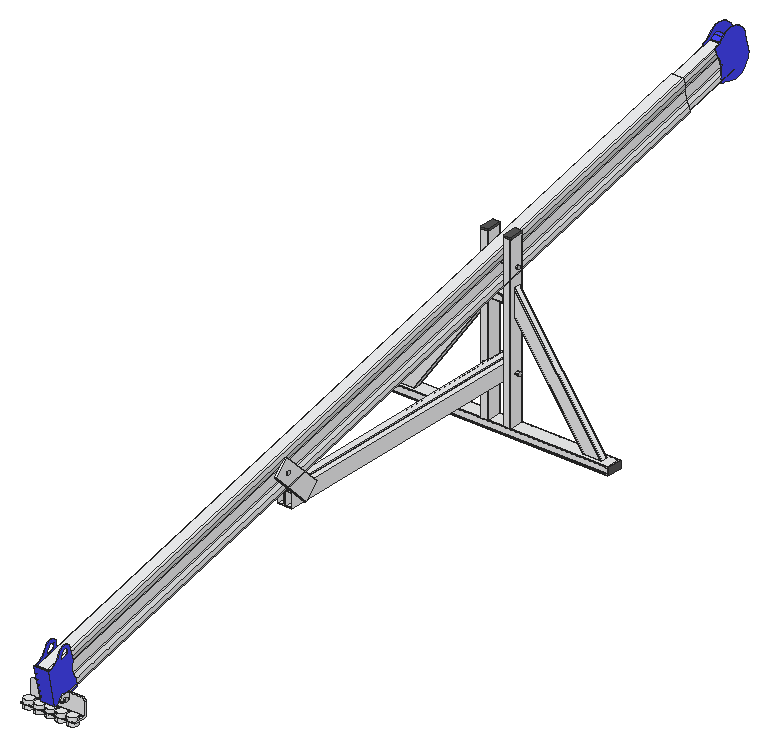
Revit family "FallProtection_RopeAccessNeedle_Kattsafe_800AFrame", category Specialty Equipment, Revit 2025 (continued)
Definition of nested family "Rearattachment_Kattsafe_Needle"
  Lines and regions (mm)
    Masking region 2, visible <- "Trolley"
      outline origin (0, 0, 0) x (1, 0, 0) y (0, 1, 0)
        loop
          line (-145, 36) -> (-145, 30) -> (-58.5, 30) -> (-58.5, -20) -> (-52.5, -20) -> (-52.5, 30) -> (52.5, 30) -> (52.5, -20) -> (58.5, -20) -> (58.5, 30) -> (145, 30) -> (145, 36) -> (-145, 36)
    symbolic lines, visible <- "Clamp"
      curve 1: line (-52.5, 50, 0) -> (-52.5, -50, 0)
      curve 2: line (-58.5, 50, 0) -> (-58.5, -50, 0)
      curve 3: line (-30, 50, 0) -> (-58.5, 50, 0)
      curve 4: line (-58.5, -50, 0) -> (-30, -50, 0)
      curve 5: line (30, 50, 0) -> (58.5, 50, 0)
      curve 6: line (52.5, -50, 0) -> (52.5, 50, 0)
      curve 7: line (58.5, -50, 0) -> (30, -50, 0)
      curve 8: line (58.5, 50, 0) -> (58.5, -50, 0)
    symbolic lines, visible <- "DeckMount", detail levels medium+fine
      curve 9: line (-145, 83.5, 0) -> (145, 83.5, 0)
      curve 10: line (-145, 64.993, 0) -> (145, 64.993, 0)
      curve 11: line (-145, -64.993, 0) -> (145, -64.993, 0)
      curve 12: line (-145, -83.5, 0) -> (145, -83.5, 0)
    symbolic lines, visible <- "ConcreteMount", detail levels medium+fine
      curve 13: line (-117.5, 9, 0) -> (-107.5, 9, 0)
      curve 14: arc (-107.5, 9, 0) -> (-98.5, 0, 0) -> (-107.5, -9, 0) r 9
      curve 15: line (-107.5, -9, 0) -> (-117.5, -9, 0)
      curve 16: arc (-117.5, -9, 0) -> (-126.5, 0, 0) -> (-117.5, 9, 0) r 9
      curve 17: line (117.5, -9, 0) -> (107.5, -9, 0)
      curve 18: arc (107.5, -9, 0) -> (98.5, 0, 0) -> (107.5, 9, 0) r 9
      curve 19: line (107.5, 9, 0) -> (117.5, 9, 0)
      curve 20: arc (117.5, 9, 0) -> (126.5, 0, 0) -> (117.5, -9, 0) r 9
    symbolic lines, detail levels medium+fine
      curve 21: line (30, 8, 0) -> (73, 8, 0)
      curve 22: line (73, 8, 0) -> (73, -8, 0)
      curve 23: line (73, -8, 0) -> (30, -8, 0)
      curve 24: line (-30, 8, 0) -> (-73, 8, 0)
      curve 25: line (-73, 8, 0) -> (-73, -8, 0)
      curve 26: line (-73, -8, 0) -> (-30, -8, 0)
    symbolic lines, visible <- "Trolley", detail levels medium+fine
      curve 27: line (-52.5, 30, 0) -> (-52.5, 36, 0)
      curve 28: line (52.5, 30, 0) -> (52.5, 36, 0)
  Dimensions and locks
    "MountClampOffset": plane 4 to plane 2
    locked: plane 5 to plane 4 at 98
    locked: plane 4 to Extrusion 1 sketch curve at 73
    locked: Extrusion 3 sketch curve to plane 4 at 6
    equal spacing: plane 6, plane 3 "Center (Left/Right)", plane 7
    "MountBaseWidth": plane 6 to plane 7
    equal spacing: plane 9, plane 1 "Center (Front/Back)", plane 8
    "MountBaseDepth": plane 9 to plane 8
    locked: plane 2 to plane 10 at 3
    "DeckFlangeCalc": plane 8 to plane 11
    "DeckFlangeCalc": plane 12 to plane 9
    "FixingBoltTopOffset": plane 5 to plane 13 "FixingBolt"
    locked: plane 14 to plane 1 "Center (Front/Back)" at 33
    locked: Extrusion 4 sketch curve to Extrusion 4 sketch curve at 2  (x2)
    locked: plane 10 to Extrusion 4 sketch curve at 2  (x2)
    locked: plane 4 to Extrusion 4 sketch curve at 2
    locked: Extrusion 6 sketch curve to plane 3 "Center (Left/Right)" at 145
    locked: plane 3 "Center (Left/Right)" to Extrusion 6 sketch curve at 145
    "DeckRubberWidthCalc": plane 6 to Extrusion 8 sketch curve
    "DeckRubberDepthCalc": Extrusion 8 sketch curve to plane 8
    equal spacing: Extrusion 8 sketch curve, plane 3 "Center (Left/Right)", Extrusion 8 sketch curve
    "DeckRubberWidthCalc": Extrusion 8 sketch curve to plane 7
    "DeckRubberDepthCalc": plane 9 to Extrusion 8 sketch curve
    plane 16 to plane 3 "Center (Left/Right)" to plane 17 = 58.5 mm locked, 58.5 mm locked
    locked: plane 19 to plane 16 at 58.5
    locked: plane 17 to plane 18 at 58.5
    plane 20 "VertRollersBack" to plane 14 to plane 21 "VertRollersFront" = 20 mm locked, 20 mm locked
    plane 23 "HoriRollersTop" to plane 15 to plane 22 "HoriRollerBtm" = 20 mm locked, 20 mm locked
    locked: plane 15 to Extrusion 9 sketch curve at 3.5  (x2)
    locked: plane 24 to plane 14 at 48
    locked: plane 24 to Extrusion 10 sketch curve at 3.5  (x2)
    locked: plane 2 to plane 15 at 30
    locked: plane 15 to Extrusion 11 sketch curve at 3.5  (x2)
    locked: plane 24 to Extrusion 12 sketch curve at 3.5  (x2)
    locked: plane 25 "TrolleyTop" to plane 26 at 40
    "TrolleyFixingOffset": plane 26 to plane 2
    equal spacing: plane 25 "TrolleyTop", Extrusion 13 sketch curve, plane 26
    equal spacing: plane 25 "TrolleyTop", Extrusion 14 sketch curve, plane 26
    Extrusion 7 sketch curve to Extrusion 7 sketch curve = 6 mm
    equal spacing: Extrusion 7 sketch curve, plane 15, Extrusion 7 sketch curve
    locked: plane 1 "Center (Front/Back)" to plane 24 at 15
    locked: plane 14 to Extrusion 7 sketch curve at 72
    plane 27 to plane 1 "Center (Front/Back)" to plane 28 = 50 mm locked, 50 mm locked
    "DeckRubberWidthCalc": Extrusion 8 sketch curve to Extrusion 8 sketch curve
    plane 30 to plane 3 "Center (Left/Right)" to plane 29 = 30 mm locked, 30 mm locked
    curve 12 to curve 11 to plane 1 "Center (Front/Back)" = 18.507 mm locked, 64.993 mm locked
    plane 1 "Center (Front/Back)" to curve 10 to curve 9 = 64.993 mm locked, 18.507 mm locked
    curve 26 to plane 1 "Center (Front/Back)" to curve 24 = 8 mm locked, 8 mm locked
    locked: Masking region 2 sketch curve to plane 14 at 53
    locked: Extrusion 16 sketch curve to Extrusion 16 sketch curve at 6  (x2)
    locked: Extrusion 16 sketch curve to Extrusion 16 sketch curve at 46
    locked: plane 3 "Center (Left/Right)" to Extrusion 16 sketch curve at 160
    locked: Extrusion 16 sketch curve to plane 3 "Center (Left/Right)" at 160
    locked: plane 6 to Extrusion 2 sketch curve at 27.5
    locked: Extrusion 2 sketch curve to plane 7 at 27.5
    radius of Extrusion 1 sketch curve = 15 mm  (x2)
    radius of Extrusion 3 sketch curve = 6 mm  (x2)
    radius of Extrusion 3 sketch curve = 12 mm  (x2)
    radius of Extrusion 5 sketch curve = 8 mm
    radius of Extrusion 6 sketch curve = 10 mm  (x2)
    radius of Extrusion 7 sketch curve = 4 mm
    radius of Extrusion 7 sketch curve = 10 mm
    "BaseFilletCalc": radius of Masking region 1 sketch curve  (x4)
    radius of Extrusion 2 sketch curve = 10 mm  (x4)
    radius of Extrusion 13 sketch curve = 20 mm
    radius of Extrusion 14 sketch curve = 20 mm
    radius of Extrusion 13 sketch curve = 9 mm
    radius of Extrusion 14 sketch curve = 9 mm
    radius of Extrusion 15 sketch curve = 20 mm  (x2)
    radius of curve 14 = 9 mm
    radius of curve 16 = 9 mm
    radius of curve 20 = 9 mm
    radius of curve 18 = 9 mm
    radius of Extrusion 16 sketch curve = 6 mm  (x4)
    radius of Extrusion 16 sketch curve = 12 mm  (x4)
    locked: Extrusion 4 sketch curve to plane 11 (angle 20.00°)  (x2)
    locked: plane 12 to Extrusion 4 sketch curve (angle 20.00°)  (x2)
    aligned and locked: level to plane 2
    aligned and locked: plane 5 to Extrusion 3 sketch curve
    aligned and locked: Extrusion 1 to Extrusion 3
    aligned and locked: Extrusion 3 to Extrusion 1
    aligned and locked: plane 4 to Extrusion 1
    aligned and locked: plane 5 to Extrusion 1 sketch curve
    aligned and locked: plane 4 to Extrusion 3 sketch curve
    aligned and locked: Extrusion 3 sketch curve to plane 4
    aligned and locked: plane 6 to Extrusion 4
    aligned and locked: Extrusion 4 to plane 7
    aligned and locked: plane 10 to Extrusion 4
    aligned and locked: plane 4 to Extrusion 4 sketch curve
    aligned and locked: plane 1 "Center (Front/Back)" to Extrusion 5 sketch curve
    aligned and locked: plane 13 "FixingBolt" to Extrusion 5 sketch curve
    aligned and locked: plane 11 to Extrusion 4 sketch curve
    aligned and locked: plane 12 to Extrusion 4 sketch curve
    aligned and locked: Extrusion 2 sketch curve to plane 9
    aligned and locked: plane 9 to Extrusion 2 sketch curve
    aligned and locked: plane 8 to Extrusion 2 sketch curve
    aligned and locked: Extrusion 2 sketch curve to plane 8
    aligned and locked: plane 7 to Masking region 1 sketch curve
    aligned and locked: plane 8 to Masking region 1 sketch curve
    aligned and locked: Masking region 1 sketch curve to plane 6
    aligned and locked: curve 1 to cut or joined group of Extrusion 1, Extrusion 3
    aligned and locked: curve 2 to cut or joined group of Extrusion 1, Extrusion 3
    aligned and locked: cut or joined group of Extrusion 1, Extrusion 3 to curve 3
    aligned and locked: curve 4 to cut or joined group of Extrusion 1, Extrusion 3
    aligned and locked: curve 8 to cut or joined group of Extrusion 1, Extrusion 3
    aligned and locked: curve 6 to cut or joined group of Extrusion 1, Extrusion 3
    aligned and locked: curve 5 to cut or joined group of Extrusion 1, Extrusion 3
    aligned and locked: curve 7 to cut or joined group of Extrusion 1, Extrusion 3
    aligned and locked: cut or joined group of Extrusion 2, Extrusion 4 to plane 8
    aligned and locked: plane 9 to cut or joined group of Extrusion 2, Extrusion 4
    aligned and locked: Masking region 1 sketch curve to plane 9
    aligned and locked: plane 8 to Extrusion 8 sketch curve  (x3)
    aligned and locked: Extrusion 8 sketch curve to plane 6  (x2)
    aligned and locked: plane 7 to Extrusion 8 sketch curve  (x2)
    aligned and locked: Extrusion 8 sketch curve to Extrusion 8 sketch curve  (x8)
    aligned and locked: Extrusion 8 sketch curve to plane 9  (x3)
    aligned and locked: Extrusion 8 to plane 2
    aligned and locked: Extrusion 8 to plane 10
    aligned and locked: plane 15 to Extrusion 9 sketch curve  (x3)
    aligned and locked: plane 19 to Extrusion 9 sketch curve
    aligned and locked: plane 16 to Extrusion 9 sketch curve
    aligned and locked: plane 3 "Center (Left/Right)" to Extrusion 9 sketch curve
    aligned and locked: plane 17 to Extrusion 9 sketch curve
    aligned and locked: plane 18 to Extrusion 9 sketch curve
    aligned and locked: plane 21 "VertRollersFront" to Extrusion 9
    aligned and locked: Extrusion 10 to plane 23 "HoriRollersTop"
    aligned and locked: plane 19 to Extrusion 10 sketch curve
    aligned and locked: plane 24 to Extrusion 10 sketch curve  (x3)
    aligned and locked: plane 16 to Extrusion 10 sketch curve
    aligned and locked: plane 3 "Center (Left/Right)" to Extrusion 10 sketch curve
    aligned and locked: plane 17 to Extrusion 10 sketch curve
    aligned and locked: plane 18 to Extrusion 10 sketch curve
    aligned and locked: Extrusion 10 to Extrusion 7
    aligned and locked: Extrusion 11 to plane 20 "VertRollersBack"
    aligned and locked: plane 19 to Extrusion 11 sketch curve
    aligned and locked: plane 16 to Extrusion 11 sketch curve
    aligned and locked: plane 3 "Center (Left/Right)" to Extrusion 11 sketch curve
    aligned and locked: plane 17 to Extrusion 11 sketch curve
    aligned and locked: plane 18 to Extrusion 11 sketch curve
    aligned and locked: Extrusion 12 to plane 22 "HoriRollerBtm"
    aligned and locked: plane 19 to Extrusion 12 sketch curve
    aligned and locked: plane 16 to Extrusion 12 sketch curve
    aligned and locked: plane 3 "Center (Left/Right)" to Extrusion 12 sketch curve
    aligned and locked: plane 17 to Extrusion 12 sketch curve
    aligned and locked: plane 18 to Extrusion 12 sketch curve
    aligned and locked: plane 24 to Extrusion 12 sketch curve  (x3)
    aligned and locked: plane 25 "TrolleyTop" to Extrusion 13
    aligned and locked: Extrusion 13 to plane 26
    aligned and locked: Extrusion 13 to Extrusion 6
    aligned and locked: Extrusion 14 sketch curve to plane 25 "TrolleyTop"
    aligned and locked: Extrusion 14 sketch curve to plane 26
    aligned and locked: Extrusion 14 sketch curve to Extrusion 6
    aligned and locked: plane 1 "Center (Front/Back)" to Extrusion 13 sketch curve
    aligned and locked: Extrusion 13 to cut or joined group of Extrusion 1, Extrusion 3
    aligned and locked: plane 16 to Extrusion 13
    aligned and locked: Extrusion 14 to plane 17
    aligned and locked: cut or joined group of Extrusion 1, Extrusion 3 to Extrusion 14
    aligned and locked: Extrusion 15 sketch curve to plane 25 "TrolleyTop"  (x3)
    aligned and locked: Extrusion 15 sketch curve to Extrusion 6
    aligned and locked: Extrusion 6 to Extrusion 15 sketch curve
    aligned and locked: Extrusion 6 to Extrusion 15
    aligned and locked: Extrusion 15 to Extrusion 6
    aligned and locked: Extrusion 15 sketch curve to Extrusion 13
    aligned and locked: Extrusion 15 sketch curve to Extrusion 14
    aligned and locked: Extrusion 15 sketch curve to plane 26
    aligned and locked: Extrusion 12 to cut or joined group of Extrusion 7, Extrusion 15
    aligned and locked: plane 15 to Extrusion 11 sketch curve  (x3)
    aligned and locked: Extrusion 1 sketch curve to plane 27
    aligned and locked: plane 28 to Extrusion 1 sketch curve
    aligned and locked: Extrusion 2 sketch curve to Masking region 1  (x4)
    aligned and locked: Extrusion 2 to plane 2
    aligned and locked: plane 30 to curve 5
    aligned and locked: plane 30 to curve 7
    aligned and locked: plane 29 to curve 3
    aligned and locked: plane 29 to curve 4
    aligned and locked: plane 7 to curve 11
    aligned and locked: plane 7 to curve 12
    aligned and locked: plane 7 to curve 10
    aligned and locked: plane 7 to curve 9
    aligned and locked: plane 6 to curve 9
    aligned and locked: plane 6 to curve 10
    aligned and locked: plane 6 to curve 11
    aligned and locked: plane 6 to curve 12
    aligned and locked: plane 29 to curve 26
    aligned and locked: plane 29 to curve 24
    aligned and locked: plane 30 to curve 21
    aligned and locked: plane 30 to curve 23
    aligned and locked: curve 22 to Extrusion 5
    aligned and locked: curve 25 to Extrusion 5
    aligned and locked: curve 24 to curve 21
    aligned and locked: curve 23 to curve 26
    aligned and locked: cut or joined group of Extrusion 1, Extrusion 3 to Masking region 2 sketch curve
    aligned and locked: Masking region 2 sketch curve to Extrusion 13
    aligned and locked: Masking region 2 sketch curve to cut or joined group of Extrusion 7, Extrusion 15  (x3)
    aligned and locked: Masking region 2 sketch curve to Masking region 2 sketch curve  (x2)
    aligned and locked: Masking region 2 sketch curve to Extrusion 14  (x2)
    aligned and locked: cut or joined group of Extrusion 7, Extrusion 15 to Masking region 2 sketch curve
    aligned and locked: cut or joined group of Extrusion 6, Extrusion 15 to Masking region 2 sketch curve
    aligned and locked: cut or joined group of Extrusion 7, Extrusion 15 to Extrusion 14
    aligned and locked: cut or joined group of Extrusion 7, Extrusion 15 to Extrusion 13
    aligned and locked: Extrusion 16 sketch curve to Extrusion 16 sketch curve
    aligned and locked: Extrusion 16 sketch curve to level  (x2)
    aligned and locked: cut or joined group of Extrusion 2, Extrusion 16 to plane 8
    aligned and locked: plane 9 to cut or joined group of Extrusion 2, Extrusion 16
    aligned and locked: curve 16 to cut or joined group of Extrusion 2, Extrusion 16
    aligned and locked: curve 20 to cut or joined group of Extrusion 2, Extrusion 16
  Automatic sketch dimensions
    curve 15 to plane 19 = 9.5 mm
    plane 18 to curve 19 = 9.5 mm
    plane 14 to curve 27 = 3 mm
    curve 27 to plane 16 = 6 mm
    plane 14 to curve 28 = 3 mm
    plane 17 to curve 28 = 6 mm
    curve 27 to plane 14 = 3 mm
    curve 28 to plane 14 = 3 mm
    Extrusion 1 sketch curve to plane 1 "Center (Front/Back)" = 0 mm
    plane 4 to Extrusion 1 sketch curve = 0 mm
    plane 1 "Center (Front/Back)" to Extrusion 2 sketch curve = 0 mm  (x2)
    plane 21 "VertRollersFront" to Extrusion 2 sketch curve = 4 mm
    Extrusion 2 sketch curve to plane 19 = 9.5 mm
    plane 18 to Extrusion 2 sketch curve = 9.5 mm
    plane 24 to Extrusion 2 sketch curve = 6 mm
    Extrusion 3 sketch curve to Extrusion 3 sketch curve = 0 mm  (x2)
    plane 16 to Extrusion 3 sketch curve = 0 mm
    plane 17 to Extrusion 3 sketch curve = 0 mm
    Extrusion 4 sketch curve to plane 8 = 0 mm
    plane 10 to Extrusion 4 sketch curve = 0 mm  (x2)
    Extrusion 4 sketch curve to plane 9 = 0 mm
    Extrusion 6 sketch curve to plane 25 "TrolleyTop" = 0 mm
    plane 22 "HoriRollerBtm" to Extrusion 6 sketch curve = 7 mm
    Extrusion 7 sketch curve to Extrusion 7 sketch curve = 0 mm  (x2)
    plane 25 "TrolleyTop" to Extrusion 7 sketch curve = 0 mm
    plane 14 to Extrusion 7 sketch curve = 7 mm
    Extrusion 13 sketch curve to Extrusion 13 sketch curve = 0 mm  (x2)
    plane 14 to Extrusion 13 sketch curve = 3 mm
    Extrusion 14 sketch curve to Extrusion 14 sketch curve = 0 mm
    Extrusion 14 sketch curve to plane 1 "Center (Front/Back)" = 0 mm
    plane 16 to Extrusion 16 sketch curve = 26.082 mm
    Extrusion 16 sketch curve to Extrusion 16 sketch curve = 0.927 mm  (x3)
    Extrusion 16 sketch curve to Extrusion 16 sketch curve = 4.243 mm  (x3)
    Extrusion 16 sketch curve to Extrusion 16 sketch curve = 5.17 mm  (x4)
    Extrusion 16 sketch curve to plane 16 = 12.889 mm
    Extrusion 16 sketch curve to Extrusion 16 sketch curve = 3.316 mm  (x2)
    plane 30 to Extrusion 16 sketch curve = 6.199 mm
    Extrusion 16 sketch curve to plane 17 = 16.67 mm
    radius of Extrusion 9 sketch curve = 26 mm  (x5)
    radius of Extrusion 10 sketch curve = 26 mm  (x5)
    radius of Extrusion 11 sketch curve = 26 mm  (x5)
    radius of Extrusion 12 sketch curve = 26 mm  (x5)
    radius of Extrusion 1 sketch curve = 9 mm
Definition of nested family "Z_Fallprotection_Kattsafe_Needle_Brace"
  Parameters (values of type "Type 1")
    URL = "https://kattsafe.com.au/"
    Material = none
    Manufacturer = "SAYFA"  # constant formula
    Length [instance] = 1000 mm
    Default Elevation = 1219.2 mm
    CreatedByURL = "https://igsgroup.com.au"
    CreatedBy = "IGS BIM Solutions"  # constant formula
  Reference planes
    plane 1 "Center (Front/Back)": y = 0
    plane 2: z = 0
    plane 3 "Center (Left/Right)": x = 0
    plane 4: x = -50
    plane 5: x = 950
    plane 6: y = 38.5
    plane 7: y = -38.5
    plane 8: y = 48.5
    plane 9: y = -48.5
  Forms (mm)
    Extrusion 1, solid
      sketch origin (0, 0, 0) x (1, 0, 0) y (0, 1, 0)
        loop
          line (-1219.2, 1219.2) -> (-1219.2, -1219.2) -> (1219.2, -1219.2) -> (1219.2, 1219.2) -> (-1219.2, 1219.2)
      from 0 to -304.8
    Extrusion 2, solid, material <- "Material"
      sketch origin (0, 0, 0) x (1, 0, 0) y (0, 0, 1)
        loop
          line (870, -40) -> (1067.99, 157.99) -> (997.279, 228.701) -> (799.289, 30.711) -> (870, -40)
        loop
          circle (997.279, 157.99) r 9
      from 38.5 to 48.5
    Extrusion 3, solid, material <- "Material"
      sketch origin (0, 0, 0) x (1, 0, 0) y (0, 0, 1)
        loop
          line (870, -40) -> (1067.99, 157.99) -> (997.279, 228.701) -> (799.289, 30.711) -> (870, -40)
        loop
          circle (997.279, 157.99) r 9
      from -48.5 to -38.5
    Extrusion 4, solid
      sketch origin (0, 0, 0) x (1, 0, 0) y (0, 0, 1)
        loop
          circle (997.279, 157.99) r 8
      from -58.5 to 58.5
    Extrusion 5, solid, material <- "Material"
      sketch origin (-50, 605.484, 156.054) x (0, 0, 1) y (0, -1, 0)
        loop
          line (-116.054, 605.484) -> (-116.054, 643.984) -> (-196.054, 643.984) -> (-196.054, 605.484) -> (-116.054, 605.484)
        loop
          line (-119.554, 608.984) -> (-119.554, 640.484) -> (-192.554, 640.484) -> (-192.554, 608.984) -> (-119.554, 608.984)
      from 0 to 1000
    Extrusion 6, solid, material <- "Material"
      sketch origin (-50, 605.484, 156.054) x (0, 0, 1) y (0, -1, 0)
        loop
          line (-116.054, 566.984) -> (-116.054, 605.484) -> (-196.054, 605.484) -> (-196.054, 566.984) -> (-116.054, 566.984)
        loop
          line (-119.554, 570.484) -> (-119.554, 601.984) -> (-192.554, 601.984) -> (-192.554, 570.484) -> (-119.554, 570.484)
      from 0 to 1000
    Extrusion 7, void
      sketch origin (0, 0, 0) x (-1, 0, 0) y (0, 0, 1)
        loop
          circle (0, 0) r 9
      from -38.5 to 38.5
    Extrusion 8, solid
      sketch origin (0, 0, 0) x (1, 0, 0) y (0, 0, 1)
        loop
          circle (0, 0) r 8
      from -100 to 100
  Cuts and joins
    Extrusion 7 cuts Extrusion 5
    Extrusion 7 cuts Extrusion 6
  Dimensions and locks
    plane 6 to plane 1 "Center (Front/Back)" to plane 7 = 38.5 mm, 38.5 mm
    locked: plane 6 to plane 7 at 77
    locked: plane 8 to plane 6 at 10
    locked: plane 7 to plane 9 at 10
    Extrusion 2 to Extrusion 4 sketch curve = 50 mm  (x2)
    locked: plane 3 "Center (Left/Right)" to plane 4 at 50
    "Length": plane 4 to plane 5
    radius of Extrusion 4 sketch curve = 8 mm
    radius of Extrusion 2 sketch curve = 9 mm
    radius of Extrusion 7 sketch curve = 9 mm
    radius of Extrusion 8 sketch curve = 8 mm
    aligned and locked: plane 2 to Extrusion 1
    aligned and locked: level to Extrusion 1
    aligned and locked: Extrusion 2 to plane 9
    aligned and locked: Extrusion 2 to plane 7
    aligned and locked: plane 9 to Extrusion 2
    aligned and locked: plane 7 to Extrusion 2
    aligned and locked: cut or joined group of Extrusion 5, Extrusion 7 to plane 4
    aligned and locked: cut or joined group of Extrusion 6, Extrusion 7 to plane 4
    aligned and locked: plane 5 to cut or joined group of Extrusion 5, Extrusion 7
    aligned and locked: plane 5 to cut or joined group of Extrusion 6, Extrusion 7
    aligned and locked: plane 2 to Extrusion 8 sketch curve
    aligned and locked: plane 3 "Center (Left/Right)" to Extrusion 8 sketch curve
    aligned and locked: Extrusion 3 to plane 6
    aligned and locked: Extrusion 3 to plane 8
    aligned and locked: Extrusion 7 to plane 7
    aligned and locked: plane 6 to Extrusion 7
  Automatic sketch dimensions
    Extrusion 1 sketch curve to Extrusion 1 sketch curve = 2438.4 mm  (x2)
    level to Extrusion 2 sketch curve = 30.711 mm
    Extrusion 2 sketch curve to plane 5 = 150.711 mm
    Extrusion 2 sketch curve to level = 40 mm
    Extrusion 2 sketch curve to plane 5 = 80 mm
    plane 5 to Extrusion 2 sketch curve = 47.279 mm  (x2)
    Extrusion 2 sketch curve to Extrusion 2 sketch curve = 70.711 mm
    level to Extrusion 3 sketch curve = 30.711 mm
    Extrusion 3 sketch curve to plane 5 = 150.711 mm
    Extrusion 3 sketch curve to level = 40 mm
    Extrusion 3 sketch curve to plane 5 = 80 mm
    plane 5 to Extrusion 3 sketch curve = 47.279 mm  (x2)
    Extrusion 3 sketch curve to Extrusion 3 sketch curve = 70.711 mm
    Extrusion 6 sketch curve to plane 1 "Center (Front/Back)" = 0 mm
    Extrusion 6 sketch curve to plane 6 = 0 mm
    Extrusion 6 sketch curve to level = 40 mm
    Extrusion 6 sketch curve to Extrusion 6 sketch curve = 3.5 mm  (x2)
    Extrusion 6 sketch curve to plane 1 "Center (Front/Back)" = 3.5 mm
    level to Extrusion 6 sketch curve = 36.5 mm
    Extrusion 6 sketch curve to plane 6 = 3.5 mm
    Extrusion 5 sketch curve to plane 7 = 0 mm
    Extrusion 5 sketch curve to plane 1 "Center (Front/Back)" = 0 mm
    Extrusion 5 sketch curve to level = 40 mm
    Extrusion 5 sketch curve to Extrusion 5 sketch curve = 3.5 mm  (x2)
    plane 7 to Extrusion 5 sketch curve = 3.5 mm
    level to Extrusion 5 sketch curve = 36.5 mm
    plane 1 "Center (Front/Back)" to Extrusion 5 sketch curve = 3.5 mm
    Extrusion 7 sketch curve to level = 0 mm
    Extrusion 7 sketch curve to plane 3 "Center (Left/Right)" = 0 mm
    radius of Extrusion 3 sketch curve = 9 mm
Types (15, lengths in mm): name | Type Comments | TrolleyAlignOffset | RearBeamFixingPointCalc | RearBeamWidth | RearBeamHeight | RearBeamAngledHeightCalc | Model | ManufacturerSpecCode | MainBoomCenterExtension | RearFixingHeight | ExtendedBraceLengthCalc | ExtendableBoom | DesiredBackspanLength | CantileverSizeSelector | BraceLength | ActualCantileverLength | ActualBackspanLength | 1800Extension | 1500Extension | 1200Extension
  1800 Cantilever - Horizontal Trolley (OH408.1800 + OH448A) | "800mm A-Frame - 1800mm Extension - Horizontal Trolley Rear Attachment" | 15 | 75 | 70 | 190 | 170 | "OH408.18 + OH448A" | "OH408.18 + OH448A" | 1224 | 42 | 1450 | yes | 3000 | 3 | 1500 | 1570 | 3000 | yes | no | no
  1800 Cantilever - Vertical Trolley (OH408.1800 + OH449A) | "800mm A-Frame - 1800mm Extension - Vertical Trolley Rear Attachment" | 33 | 75 | 70 | 190 | 170 | "OH408.18 + OH449A" | "OH408.18 + OH449A" | 1224 | 66.5 | 1450 | yes | 3000 | 3 | 1500 | 1570 | 3000 | yes | no | no
  1800 Cantilever - Wide Deck Mount (OH408.1800 + OH444W) | "800mm A-Frame - 1800mm Extension - Wide Deck Mount Rear Attachment" | 0 | 75 | 70 | 190 | 170 | "OH408.18 + OH444W" | "OH408.18 + OH444W" | 1224 | 125 | 1450 | yes | 3000 | 3 | 1500 | 1570 | 3000 | yes | no | no
  1800 Cantilever - Metal Deck Mount (OH408.1800 + OH444A) | "800mm A-Frame - 1800mm Extension - Metal Deck Mount Rear Attachment" | 0 | 75 | 70 | 190 | 170 | "OH408.18 + OH444A" | "OH408.18 + OH444A" | 1224 | 123 | 1450 | yes | 3000 | 3 | 1500 | 1570 | 3000 | yes | no | no
  1800 Cantilever - Concrete Mount (OH408.1800 + OH443) | "800mm A-Frame - 1800mm Extension - Concrete Mount Rear Attachment" | 0 | 75 | 70 | 190 | 170 | "OH408.18 + OH443" | "OH408.18 + OH443" | 1224 | 119 | 1450 | yes | 3000 | 3 | 1500 | 1570 | 3000 | yes | no | no
  1500 Cantilever - Horizontal Trolley (OH408.1500 + OH448A) | "800mm A-Frame - 1500mm Extension - Horizontal Trolley Rear Attachment" | 15 | 75 | 70 | 190 | 170 | "OH408.15 + OH448A" | "OH408.15 + OH448A" | 995 | 42 | 1150 | yes | 3000 | 2 | 1200 | 1290 | 3000 | no | yes | no
  1500 Cantilever - Vertical Trolley (OH408.1500 + OH449A) | "800mm A-Frame - 1500mm Extension - Vertical Trolley Rear Attachment" | 33 | 75 | 70 | 190 | 170 | "OH408.15 + OH449A" | "OH408.15 + OH449A" | 995 | 66.5 | 1150 | yes | 3000 | 2 | 1200 | 1290 | 3000 | no | yes | no
  1500 Cantilever - Wide Deck Mount (OH408.1500 + OH444W) | "800mm A-Frame - 1500mm Extension - Wide Deck Mount Rear Attachment" | 0 | 75 | 70 | 190 | 170 | "OH408.15 + OH444W" | "OH408.15 + OH444W" | 995 | 125 | 1150 | yes | 3000 | 2 | 1200 | 1290 | 3000 | no | yes | no
  1500 Cantilever - Metal Deck Mount (OH408.1500 + OH444A) | "800mm A-Frame - 1500mm Extension - Metal Deck Mount Rear Attachment" | 0 | 75 | 70 | 190 | 170 | "OH408.15 + OH444A" | "OH408.15 + OH444A" | 995 | 123 | 1150 | yes | 3000 | 2 | 1200 | 1290 | 3000 | no | yes | no
  1500 Cantilever - Concrete Mount (OH408.1500 + OH443) | "800mm A-Frame - 1500mm Extension - Concrete Mount Rear Attachment" | 0 | 75 | 70 | 190 | 170 | "OH408.15 + OH443" | "OH408.15 + OH443" | 995 | 119 | 1150 | yes | 3000 | 2 | 1200 | 1290 | 3000 | no | yes | no
  1200 Cantilever - Horizontal Trolley (OH408.1200 + OH448A) | "800mm A-Frame - 1200mm Extension - Horizontal Trolley Rear Attachment" | 15 | 70 | 60 | 180 | 160 | "OH408.12 + OH448A" | "OH408.12 + OH448A" | 0 | 42 | 950 | no | 2400 | 1 | 1000 | 1250 | 2400 | no | no | yes
  1200 Cantilever - Vertical Trolley (OH408.1200 + OH449A) | "800mm A-Frame - 1200mm Extension - Vertical Trolley Rear Attachment" | 33 | 70 | 60 | 180 | 160 | "OH408.12 + OH449A" | "OH408.12 + OH449A" | 0 | 66.5 | 950 | no | 2400 | 1 | 1000 | 1250 | 2400 | no | no | yes
  1200 Cantilever - Wide Deck Mount (OH408.1200 + OH444W) | "800mm A-Frame - 1200mm Extension - Wide Deck Mount Rear Attachment" | 0 | 70 | 60 | 180 | 160 | "OH408.12 + OH444W" | "OH408.12 + OH444W" | 0 | 125 | 950 | no | 2400 | 1 | 1000 | 1250 | 2400 | no | no | yes
  1200 Cantilever - Metal Deck Mount (OH408.1200 + OH444A) | "800mm A-Frame - 1200mm Extension - Metal Deck Mount Rear Attachment" | 0 | 70 | 60 | 180 | 160 | "OH408.12 + OH444A" | "OH408.12 + OH444A" | 0 | 123 | 950 | no | 2400 | 1 | 1000 | 1250 | 2400 | no | no | yes
  1200 Cantilever - Concrete Mount (OH408.1200 + OH443) | "800mm A-Frame - 1200mm Extension - Concrete Mount Rear Attachment" | 0 | 70 | 60 | 180 | 160 | "OH408.12 + OH443" | "OH408.12 + OH443" | 0 | 119 | 950 | no | 2400 | 1 | 1000 | 1250 | 2400 | no | no | yes
